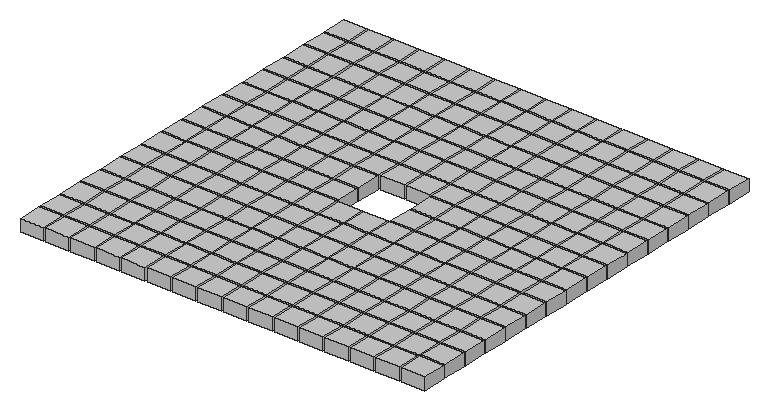
Revit family "Alcorque Ecológico", category Furniture, Revit 2020 (continued)
Reference planes (m)
  plane 10673: y = -1.5
  plane 10674: y = -1.75
  plane 10675: y = -1.875
  plane 10676: y = -2
  plane 10677: x = 4.565
  plane 10678: x = 4.69
  plane 10679: x = 4.815
  plane 10680: x = 5.065
  plane 10681: x = 5.19
  plane 10682: x = 5.315
  plane 10683: y = -1.375
  plane 10684: y = -1.5
  plane 10685: y = -1.625
  plane 10686: y = -1.875
  plane 10687: y = -2
  plane 10688: y = -2.125
  plane 10689: x = 4.69
  plane 10690: x = 4.815
  plane 10691: x = 4.94
  plane 10692: x = 5.19
  plane 10693: x = 5.315
  plane 10694: x = 5.44
  plane 10695: y = -1.375
  plane 10696: y = -1.5
  plane 10697: y = -1.625
  plane 10698: y = -1.875
  plane 10699: y = -2
  plane 10700: y = -2.125
  plane 10701: x = 4.815
  plane 10702: x = 4.94
  plane 10703: x = 5.065
  plane 10704: x = 5.315
  plane 10705: x = 5.44
  plane 10706: x = 5.565
  plane 10707: y = -1.375
  plane 10708: y = -1.5
  plane 10709: y = -1.625
  plane 10710: y = -1.875
  plane 10711: y = -2
  plane 10712: y = -2.125
  plane 10713: x = 4.94
  plane 10714: x = 5.065
  plane 10715: x = 5.19
  plane 10716: x = 5.44
  plane 10717: x = 5.565
  plane 10718: x = 5.69
  plane 10719: y = -1.375
  plane 10720: y = -1.5
  plane 10721: y = -1.625
  plane 10722: y = -1.875
  plane 10723: y = -2
  plane 10724: y = -2.125
  plane 10725: x = 4.565
  plane 10726: x = 4.69
  plane 10727: x = 4.815
  plane 10728: x = 5.065
  plane 10729: x = 5.19
  plane 10730: x = 5.315
  plane 10731: y = -1.5
  plane 10732: y = -1.625
  plane 10733: y = -1.75
  plane 10734: y = -2
  plane 10735: y = -2.125
  plane 10736: y = -2.25
  plane 10737: x = 4.69
  plane 10738: x = 4.815
  plane 10739: x = 4.94
  plane 10740: x = 5.19
  plane 10741: x = 5.315
  plane 10742: x = 5.44
  plane 10743: y = -1.5
  plane 10744: y = -1.625
  plane 10745: y = -1.75
  plane 10746: y = -2
  plane 10747: y = -2.125
  plane 10748: y = -2.25
  plane 10749: x = 4.815
  plane 10750: x = 4.94
  plane 10751: x = 5.065
  plane 10752: x = 5.315
  plane 10753: x = 5.44
  plane 10754: x = 5.565
  plane 10755: y = -1.5
  plane 10756: y = -1.625
  plane 10757: y = -1.75
  plane 10758: y = -2
  plane 10759: y = -2.125
  plane 10760: y = -2.25
  plane 10761: x = 4.94
  plane 10762: x = 5.065
  plane 10763: x = 5.19
  plane 10764: x = 5.44
  plane 10765: x = 5.565
  plane 10766: x = 5.69
  plane 10767: y = -1.5
  plane 10768: y = -1.625
  plane 10769: y = -1.75
  plane 10770: y = -2
  plane 10771: y = -2.125
  plane 10772: y = -2.25
  plane 10773: x = 4.565
  plane 10774: x = 4.69
  plane 10775: x = 4.815
  plane 10776: x = 5.065
  plane 10777: x = 5.19
  plane 10778: x = 5.315
  plane 10779: y = -1.125
  plane 10780: y = -1.25
  plane 10781: y = -1.375
  plane 10782: y = -1.625
  plane 10783: y = -1.75
  plane 10784: y = -1.875
  plane 10785: x = 3.69
  plane 10786: x = 3.815
  plane 10787: x = 3.94
  plane 10788: x = 4.19
  plane 10789: x = 4.315
  plane 10790: x = 4.44
  plane 10791: y = -0.25
  plane 10792: y = -0.375
  plane 10793: y = -0.5
  plane 10794: y = -0.75
  plane 10795: y = -0.875
  plane 10796: y = -1
  plane 10797: x = 3.815
  plane 10798: x = 3.94
  plane 10799: x = 4.065
  plane 10800: x = 4.315
  plane 10801: x = 4.44
  plane 10802: x = 4.565
  plane 10803: y = -0.25
  plane 10804: y = -0.375
  plane 10805: y = -0.5
  plane 10806: y = -0.75
  plane 10807: y = -0.875
  plane 10808: y = -1
  plane 10809: x = 3.69
  plane 10810: x = 3.815
  plane 10811: x = 3.94
  plane 10812: x = 4.19
  plane 10813: x = 4.315
  plane 10814: x = 4.44
  plane 10815: y = -0.375
  plane 10816: y = -0.5
  plane 10817: y = -0.625
  plane 10818: y = -0.875
  plane 10819: y = -1
  plane 10820: y = -1.125
  plane 10821: x = 3.815
  plane 10822: x = 3.94
  plane 10823: x = 4.065
  plane 10824: x = 4.315
  plane 10825: x = 4.44
  plane 10826: x = 4.565
  plane 10827: y = -0.375
  plane 10828: y = -0.5
  plane 10829: y = -0.625
  plane 10830: y = -0.875
  plane 10831: y = -1
  plane 10832: y = -1.125
Forms (m)
  Extrusion 1, solid, material "ReBnew plástico", visible <- "A50"
    sketch origin (0, 0, 0) x (1, 0, 0) y (0, 1, 0)
      loop
        line (-0.495, 0.495) -> (-0.495, 0.38) -> (-0.38, 0.38) -> (-0.38, 0.495) -> (-0.495, 0.495)
    from 0 to 0.06
  Extrusion 2, solid, material "ReBnew plástico", visible <- "A50"
    sketch origin (0.125, 0, 0) x (1, 0, 0) y (0, 1, 0)
      loop
        line (-0.495, 0.495) -> (-0.495, 0.38) -> (-0.38, 0.38) -> (-0.38, 0.495) -> (-0.495, 0.495)
    from 0 to 0.06
  Extrusion 3, solid, material "ReBnew plástico", visible <- "A50"
    sketch origin (0.25, 0, 0) x (1, 0, 0) y (0, 1, 0)
      loop
        line (-0.495, 0.495) -> (-0.495, 0.38) -> (-0.38, 0.38) -> (-0.38, 0.495) -> (-0.495, 0.495)
    from 0 to 0.06
  Extrusion 4, solid, material "ReBnew plástico", visible <- "A50"
    sketch origin (0.375, 0, 0) x (1, 0, 0) y (0, 1, 0)
      loop
        line (-0.495, 0.495) -> (-0.495, 0.38) -> (-0.38, 0.38) -> (-0.38, 0.495) -> (-0.495, 0.495)
    from 0 to 0.06
  Extrusion 5, solid, material "ReBnew plástico", visible <- "A50"
    sketch origin (0.5, 0, 0) x (1, 0, 0) y (0, 1, 0)
      loop
        line (-0.495, 0.495) -> (-0.495, 0.38) -> (-0.38, 0.38) -> (-0.38, 0.495) -> (-0.495, 0.495)
    from 0 to 0.06
  Extrusion 6, solid, material "ReBnew plástico", visible <- "A50"
    sketch origin (0.625, 0, 0) x (1, 0, 0) y (0, 1, 0)
      loop
        line (-0.495, 0.495) -> (-0.495, 0.38) -> (-0.38, 0.38) -> (-0.38, 0.495) -> (-0.495, 0.495)
    from 0 to 0.06
  Extrusion 7, solid, material "ReBnew plástico", visible <- "A50"
    sketch origin (0.75, 0, 0) x (1, 0, 0) y (0, 1, 0)
      loop
        line (-0.495, 0.495) -> (-0.495, 0.38) -> (-0.38, 0.38) -> (-0.38, 0.495) -> (-0.495, 0.495)
    from 0 to 0.06
  Extrusion 8, solid, material "ReBnew plástico", visible <- "A50"
    sketch origin (0.875, 0, 0) x (1, 0, 0) y (0, 1, 0)
      loop
        line (-0.495, 0.495) -> (-0.495, 0.38) -> (-0.38, 0.38) -> (-0.38, 0.495) -> (-0.495, 0.495)
    from 0 to 0.06
  Extrusion 9, solid, material "ReBnew plástico", visible <- "A50"
    sketch origin (0, -0.125, 0) x (1, 0, 0) y (0, 1, 0)
      loop
        line (-0.495, 0.495) -> (-0.495, 0.38) -> (-0.38, 0.38) -> (-0.38, 0.495) -> (-0.495, 0.495)
    from 0 to 0.06
  Extrusion 10, solid, material "ReBnew plástico", visible <- "A50"
    sketch origin (0.125, -0.125, 0) x (1, 0, 0) y (0, 1, 0)
      loop
        line (-0.495, 0.495) -> (-0.495, 0.38) -> (-0.38, 0.38) -> (-0.38, 0.495) -> (-0.495, 0.495)
    from 0 to 0.06
  Extrusion 11, solid, material "ReBnew plástico", visible <- "A50"
    sketch origin (0.25, -0.125, 0) x (1, 0, 0) y (0, 1, 0)
      loop
        line (-0.495, 0.495) -> (-0.495, 0.38) -> (-0.38, 0.38) -> (-0.38, 0.495) -> (-0.495, 0.495)
    from 0 to 0.06
  Extrusion 12, solid, material "ReBnew plástico", visible <- "A50"
    sketch origin (0.375, -0.125, 0) x (1, 0, 0) y (0, 1, 0)
      loop
        line (-0.495, 0.495) -> (-0.495, 0.38) -> (-0.38, 0.38) -> (-0.38, 0.495) -> (-0.495, 0.495)
    from 0 to 0.06
  Extrusion 13, solid, material "ReBnew plástico", visible <- "A50"
    sketch origin (0.5, -0.125, 0) x (1, 0, 0) y (0, 1, 0)
      loop
        line (-0.495, 0.495) -> (-0.495, 0.38) -> (-0.38, 0.38) -> (-0.38, 0.495) -> (-0.495, 0.495)
    from 0 to 0.06
  Extrusion 14, solid, material "ReBnew plástico", visible <- "A50"
    sketch origin (0.625, -0.125, 0) x (1, 0, 0) y (0, 1, 0)
      loop
        line (-0.495, 0.495) -> (-0.495, 0.38) -> (-0.38, 0.38) -> (-0.38, 0.495) -> (-0.495, 0.495)
    from 0 to 0.06
  Extrusion 15, solid, material "ReBnew plástico", visible <- "A50"
    sketch origin (0.75, -0.125, 0) x (1, 0, 0) y (0, 1, 0)
      loop
        line (-0.495, 0.495) -> (-0.495, 0.38) -> (-0.38, 0.38) -> (-0.38, 0.495) -> (-0.495, 0.495)
    from 0 to 0.06
  Extrusion 16, solid, material "ReBnew plástico", visible <- "A50"
    sketch origin (0.875, -0.125, 0) x (1, 0, 0) y (0, 1, 0)
      loop
        line (-0.495, 0.495) -> (-0.495, 0.38) -> (-0.38, 0.38) -> (-0.38, 0.495) -> (-0.495, 0.495)
    from 0 to 0.06
  Extrusion 17, solid, material "ReBnew plástico", visible <- "A50"
    sketch origin (0, -0.25, 0) x (1, 0, 0) y (0, 1, 0)
      loop
        line (-0.495, 0.495) -> (-0.495, 0.38) -> (-0.38, 0.38) -> (-0.38, 0.495) -> (-0.495, 0.495)
    from 0 to 0.06
  Extrusion 18, solid, material "ReBnew plástico", visible <- "A50"
    sketch origin (0.125, -0.25, 0) x (1, 0, 0) y (0, 1, 0)
      loop
        line (-0.495, 0.495) -> (-0.495, 0.38) -> (-0.38, 0.38) -> (-0.38, 0.495) -> (-0.495, 0.495)
    from 0 to 0.06
  Extrusion 19, solid, material "ReBnew plástico", visible <- "A50"
    sketch origin (0.25, -0.25, 0) x (1, 0, 0) y (0, 1, 0)
      loop
        line (-0.495, 0.495) -> (-0.495, 0.38) -> (-0.38, 0.38) -> (-0.38, 0.495) -> (-0.495, 0.495)
    from 0 to 0.06
  Extrusion 20, solid, material "ReBnew plástico", visible <- "A50"
    sketch origin (0.375, -0.25, 0) x (1, 0, 0) y (0, 1, 0)
      loop
        line (-0.495, 0.495) -> (-0.495, 0.38) -> (-0.38, 0.38) -> (-0.38, 0.495) -> (-0.495, 0.495)
    from 0 to 0.06
  Extrusion 21, solid, material "ReBnew plástico", visible <- "A50"
    sketch origin (0.5, -0.25, 0) x (1, 0, 0) y (0, 1, 0)
      loop
        line (-0.495, 0.495) -> (-0.495, 0.38) -> (-0.38, 0.38) -> (-0.38, 0.495) -> (-0.495, 0.495)
    from 0 to 0.06
  Extrusion 22, solid, material "ReBnew plástico", visible <- "A50"
    sketch origin (0.625, -0.25, 0) x (1, 0, 0) y (0, 1, 0)
      loop
        line (-0.495, 0.495) -> (-0.495, 0.38) -> (-0.38, 0.38) -> (-0.38, 0.495) -> (-0.495, 0.495)
    from 0 to 0.06
  Extrusion 23, solid, material "ReBnew plástico", visible <- "A50"
    sketch origin (0.75, -0.25, 0) x (1, 0, 0) y (0, 1, 0)
      loop
        line (-0.495, 0.495) -> (-0.495, 0.38) -> (-0.38, 0.38) -> (-0.38, 0.495) -> (-0.495, 0.495)
    from 0 to 0.06
  Extrusion 24, solid, material "ReBnew plástico", visible <- "A50"
    sketch origin (0.875, -0.25, 0) x (1, 0, 0) y (0, 1, 0)
      loop
        line (-0.495, 0.495) -> (-0.495, 0.38) -> (-0.38, 0.38) -> (-0.38, 0.495) -> (-0.495, 0.495)
    from 0 to 0.06
  Extrusion 25, solid, material "ReBnew plástico", visible <- "A50"
    sketch origin (0, -0.375, 0) x (1, 0, 0) y (0, 1, 0)
      loop
        line (-0.495, 0.495) -> (-0.495, 0.38) -> (-0.38, 0.38) -> (-0.38, 0.495) -> (-0.495, 0.495)
    from 0 to 0.06
  Extrusion 26, solid, material "ReBnew plástico", visible <- "A50"
    sketch origin (0.125, -0.375, 0) x (1, 0, 0) y (0, 1, 0)
      loop
        line (-0.495, 0.495) -> (-0.495, 0.38) -> (-0.38, 0.38) -> (-0.38, 0.495) -> (-0.495, 0.495)
    from 0 to 0.06
  Extrusion 27, solid, material "ReBnew plástico", visible <- "A50"
    sketch origin (0.25, -0.375, 0) x (1, 0, 0) y (0, 1, 0)
      loop
        line (-0.495, 0.495) -> (-0.495, 0.38) -> (-0.38, 0.38) -> (-0.38, 0.495) -> (-0.495, 0.495)
    from 0 to 0.06
  Extrusion 28, solid, material "ReBnew plástico", visible <- "A50"
    sketch origin (0.625, -0.375, 0) x (1, 0, 0) y (0, 1, 0)
      loop
        line (-0.495, 0.495) -> (-0.495, 0.38) -> (-0.38, 0.38) -> (-0.38, 0.495) -> (-0.495, 0.495)
    from 0 to 0.06
  Extrusion 29, solid, material "ReBnew plástico", visible <- "A50"
    sketch origin (0.75, -0.375, 0) x (1, 0, 0) y (0, 1, 0)
      loop
        line (-0.495, 0.495) -> (-0.495, 0.38) -> (-0.38, 0.38) -> (-0.38, 0.495) -> (-0.495, 0.495)
    from 0 to 0.06
  Extrusion 30, solid, material "ReBnew plástico", visible <- "A50"
    sketch origin (0.875, -0.375, 0) x (1, 0, 0) y (0, 1, 0)
      loop
        line (-0.495, 0.495) -> (-0.495, 0.38) -> (-0.38, 0.38) -> (-0.38, 0.495) -> (-0.495, 0.495)
    from 0 to 0.06
  Extrusion 31, solid, material "ReBnew plástico", visible <- "A50"
    sketch origin (0, -0.5, 0) x (1, 0, 0) y (0, 1, 0)
      loop
        line (-0.495, 0.495) -> (-0.495, 0.38) -> (-0.38, 0.38) -> (-0.38, 0.495) -> (-0.495, 0.495)
    from 0 to 0.06
  Extrusion 32, solid, material "ReBnew plástico", visible <- "A50"
    sketch origin (0.125, -0.5, 0) x (1, 0, 0) y (0, 1, 0)
      loop
        line (-0.495, 0.495) -> (-0.495, 0.38) -> (-0.38, 0.38) -> (-0.38, 0.495) -> (-0.495, 0.495)
    from 0 to 0.06
  Extrusion 33, solid, material "ReBnew plástico", visible <- "A50"
    sketch origin (0.25, -0.5, 0) x (1, 0, 0) y (0, 1, 0)
      loop
        line (-0.495, 0.495) -> (-0.495, 0.38) -> (-0.38, 0.38) -> (-0.38, 0.495) -> (-0.495, 0.495)
    from 0 to 0.06
  Extrusion 34, solid, material "ReBnew plástico", visible <- "A50"
    sketch origin (0.625, -0.5, 0) x (1, 0, 0) y (0, 1, 0)
      loop
        line (-0.495, 0.495) -> (-0.495, 0.38) -> (-0.38, 0.38) -> (-0.38, 0.495) -> (-0.495, 0.495)
    from 0 to 0.06
  Extrusion 35, solid, material "ReBnew plástico", visible <- "A50"
    sketch origin (0.75, -0.5, 0) x (1, 0, 0) y (0, 1, 0)
      loop
        line (-0.495, 0.495) -> (-0.495, 0.38) -> (-0.38, 0.38) -> (-0.38, 0.495) -> (-0.495, 0.495)
    from 0 to 0.06
  Extrusion 36, solid, material "ReBnew plástico", visible <- "A50"
    sketch origin (0.875, -0.5, 0) x (1, 0, 0) y (0, 1, 0)
      loop
        line (-0.495, 0.495) -> (-0.495, 0.38) -> (-0.38, 0.38) -> (-0.38, 0.495) -> (-0.495, 0.495)
    from 0 to 0.06
  Extrusion 37, solid, material "ReBnew plástico", visible <- "A50"
    sketch origin (0, -0.625, 0) x (1, 0, 0) y (0, 1, 0)
      loop
        line (-0.495, 0.495) -> (-0.495, 0.38) -> (-0.38, 0.38) -> (-0.38, 0.495) -> (-0.495, 0.495)
    from 0 to 0.06
  Extrusion 38, solid, material "ReBnew plástico", visible <- "A50"
    sketch origin (0.125, -0.625, 0) x (1, 0, 0) y (0, 1, 0)
      loop
        line (-0.495, 0.495) -> (-0.495, 0.38) -> (-0.38, 0.38) -> (-0.38, 0.495) -> (-0.495, 0.495)
    from 0 to 0.06
  Extrusion 39, solid, material "ReBnew plástico", visible <- "A50"
    sketch origin (0.25, -0.625, 0) x (1, 0, 0) y (0, 1, 0)
      loop
        line (-0.495, 0.495) -> (-0.495, 0.38) -> (-0.38, 0.38) -> (-0.38, 0.495) -> (-0.495, 0.495)
    from 0 to 0.06
  Extrusion 40, solid, material "ReBnew plástico", visible <- "A50"
    sketch origin (0.375, -0.625, 0) x (1, 0, 0) y (0, 1, 0)
      loop
        line (-0.495, 0.495) -> (-0.495, 0.38) -> (-0.38, 0.38) -> (-0.38, 0.495) -> (-0.495, 0.495)
    from 0 to 0.06
  Extrusion 41, solid, material "ReBnew plástico", visible <- "A50"
    sketch origin (0.5, -0.625, 0) x (1, 0, 0) y (0, 1, 0)
      loop
        line (-0.495, 0.495) -> (-0.495, 0.38) -> (-0.38, 0.38) -> (-0.38, 0.495) -> (-0.495, 0.495)
    from 0 to 0.06
  Extrusion 42, solid, material "ReBnew plástico", visible <- "A50"
    sketch origin (0.625, -0.625, 0) x (1, 0, 0) y (0, 1, 0)
      loop
        line (-0.495, 0.495) -> (-0.495, 0.38) -> (-0.38, 0.38) -> (-0.38, 0.495) -> (-0.495, 0.495)
    from 0 to 0.06
  Extrusion 43, solid, material "ReBnew plástico", visible <- "A50"
    sketch origin (0.75, -0.625, 0) x (1, 0, 0) y (0, 1, 0)
      loop
        line (-0.495, 0.495) -> (-0.495, 0.38) -> (-0.38, 0.38) -> (-0.38, 0.495) -> (-0.495, 0.495)
    from 0 to 0.06
  Extrusion 44, solid, material "ReBnew plástico", visible <- "A50"
    sketch origin (0.875, -0.625, 0) x (1, 0, 0) y (0, 1, 0)
      loop
        line (-0.495, 0.495) -> (-0.495, 0.38) -> (-0.38, 0.38) -> (-0.38, 0.495) -> (-0.495, 0.495)
    from 0 to 0.06
  Extrusion 45, solid, material "ReBnew plástico", visible <- "A50"
    sketch origin (0, -0.75, 0) x (1, 0, 0) y (0, 1, 0)
      loop
        line (-0.495, 0.495) -> (-0.495, 0.38) -> (-0.38, 0.38) -> (-0.38, 0.495) -> (-0.495, 0.495)
    from 0 to 0.06
  Extrusion 46, solid, material "ReBnew plástico", visible <- "A50"
    sketch origin (0.125, -0.75, 0) x (1, 0, 0) y (0, 1, 0)
      loop
        line (-0.495, 0.495) -> (-0.495, 0.38) -> (-0.38, 0.38) -> (-0.38, 0.495) -> (-0.495, 0.495)
    from 0 to 0.06
  Extrusion 47, solid, material "ReBnew plástico", visible <- "A50"
    sketch origin (0.25, -0.75, 0) x (1, 0, 0) y (0, 1, 0)
      loop
        line (-0.495, 0.495) -> (-0.495, 0.38) -> (-0.38, 0.38) -> (-0.38, 0.495) -> (-0.495, 0.495)
    from 0 to 0.06
  Extrusion 48, solid, material "ReBnew plástico", visible <- "A50"
    sketch origin (0.375, -0.75, 0) x (1, 0, 0) y (0, 1, 0)
      loop
        line (-0.495, 0.495) -> (-0.495, 0.38) -> (-0.38, 0.38) -> (-0.38, 0.495) -> (-0.495, 0.495)
    from 0 to 0.06
  Extrusion 49, solid, material "ReBnew plástico", visible <- "A50"
    sketch origin (0.5, -0.75, 0) x (1, 0, 0) y (0, 1, 0)
      loop
        line (-0.495, 0.495) -> (-0.495, 0.38) -> (-0.38, 0.38) -> (-0.38, 0.495) -> (-0.495, 0.495)
    from 0 to 0.06
  Extrusion 50, solid, material "ReBnew plástico", visible <- "A50"
    sketch origin (0.625, -0.75, 0) x (1, 0, 0) y (0, 1, 0)
      loop
        line (-0.495, 0.495) -> (-0.495, 0.38) -> (-0.38, 0.38) -> (-0.38, 0.495) -> (-0.495, 0.495)
    from 0 to 0.06
  Extrusion 51, solid, material "ReBnew plástico", visible <- "A50"
    sketch origin (0.75, -0.75, 0) x (1, 0, 0) y (0, 1, 0)
      loop
        line (-0.495, 0.495) -> (-0.495, 0.38) -> (-0.38, 0.38) -> (-0.38, 0.495) -> (-0.495, 0.495)
    from 0 to 0.06
  Extrusion 52, solid, material "ReBnew plástico", visible <- "A50"
    sketch origin (0.875, -0.75, 0) x (1, 0, 0) y (0, 1, 0)
      loop
        line (-0.495, 0.495) -> (-0.495, 0.38) -> (-0.38, 0.38) -> (-0.38, 0.495) -> (-0.495, 0.495)
    from 0 to 0.06
  Extrusion 53, solid, material "ReBnew plástico", visible <- "A50"
    sketch origin (0, -0.875, 0) x (1, 0, 0) y (0, 1, 0)
      loop
        line (-0.495, 0.495) -> (-0.495, 0.38) -> (-0.38, 0.38) -> (-0.38, 0.495) -> (-0.495, 0.495)
    from 0 to 0.06
  Extrusion 54, solid, material "ReBnew plástico", visible <- "A50"
    sketch origin (0.125, -0.875, 0) x (1, 0, 0) y (0, 1, 0)
      loop
        line (-0.495, 0.495) -> (-0.495, 0.38) -> (-0.38, 0.38) -> (-0.38, 0.495) -> (-0.495, 0.495)
    from 0 to 0.06
  Extrusion 55, solid, material "ReBnew plástico", visible <- "A50"
    sketch origin (0.25, -0.875, 0) x (1, 0, 0) y (0, 1, 0)
      loop
        line (-0.495, 0.495) -> (-0.495, 0.38) -> (-0.38, 0.38) -> (-0.38, 0.495) -> (-0.495, 0.495)
    from 0 to 0.06
  Extrusion 56, solid, material "ReBnew plástico", visible <- "A50"
    sketch origin (0.375, -0.875, 0) x (1, 0, 0) y (0, 1, 0)
      loop
        line (-0.495, 0.495) -> (-0.495, 0.38) -> (-0.38, 0.38) -> (-0.38, 0.495) -> (-0.495, 0.495)
    from 0 to 0.06
  Extrusion 57, solid, material "ReBnew plástico", visible <- "A50"
    sketch origin (0.5, -0.875, 0) x (1, 0, 0) y (0, 1, 0)
      loop
        line (-0.495, 0.495) -> (-0.495, 0.38) -> (-0.38, 0.38) -> (-0.38, 0.495) -> (-0.495, 0.495)
    from 0 to 0.06
  Extrusion 58, solid, material "ReBnew plástico", visible <- "A50"
    sketch origin (0.625, -0.875, 0) x (1, 0, 0) y (0, 1, 0)
      loop
        line (-0.495, 0.495) -> (-0.495, 0.38) -> (-0.38, 0.38) -> (-0.38, 0.495) -> (-0.495, 0.495)
    from 0 to 0.06
  Extrusion 59, solid, material "ReBnew plástico", visible <- "A50"
    sketch origin (0.75, -0.875, 0) x (1, 0, 0) y (0, 1, 0)
      loop
        line (-0.495, 0.495) -> (-0.495, 0.38) -> (-0.38, 0.38) -> (-0.38, 0.495) -> (-0.495, 0.495)
    from 0 to 0.06
  Extrusion 60, solid, material "ReBnew plástico", visible <- "A50"
    sketch origin (0.875, -0.875, 0) x (1, 0, 0) y (0, 1, 0)
      loop
        line (-0.495, 0.495) -> (-0.495, 0.38) -> (-0.38, 0.38) -> (-0.38, 0.495) -> (-0.495, 0.495)
    from 0 to 0.06
  Extrusion 61, solid, material "ReBnew plástico", visible <- "A51"
    sketch origin (-0.25, 0.25, 0) x (1, 0, 0) y (0, 1, 0)
      loop
        line (-0.495, 0.495) -> (-0.495, 0.38) -> (-0.38, 0.38) -> (-0.38, 0.495) -> (-0.495, 0.495)
    from 0 to 0.06
  Extrusion 62, solid, material "ReBnew plástico", visible <- "A51"
    sketch origin (-0.125, 0.25, 0) x (1, 0, 0) y (0, 1, 0)
      loop
        line (-0.495, 0.495) -> (-0.495, 0.38) -> (-0.38, 0.38) -> (-0.38, 0.495) -> (-0.495, 0.495)
    from 0 to 0.06
  Extrusion 63, solid, material "ReBnew plástico", visible <- "A51"
    sketch origin (0, 0.25, 0) x (1, 0, 0) y (0, 1, 0)
      loop
        line (-0.495, 0.495) -> (-0.495, 0.38) -> (-0.38, 0.38) -> (-0.38, 0.495) -> (-0.495, 0.495)
    from 0 to 0.06
  Extrusion 64, solid, material "ReBnew plástico", visible <- "A51"
    sketch origin (0.125, 0.25, 0) x (1, 0, 0) y (0, 1, 0)
      loop
        line (-0.495, 0.495) -> (-0.495, 0.38) -> (-0.38, 0.38) -> (-0.38, 0.495) -> (-0.495, 0.495)
    from 0 to 0.06
  Extrusion 65, solid, material "ReBnew plástico", visible <- "A51"
    sketch origin (0.25, 0.25, 0) x (1, 0, 0) y (0, 1, 0)
      loop
        line (-0.495, 0.495) -> (-0.495, 0.38) -> (-0.38, 0.38) -> (-0.38, 0.495) -> (-0.495, 0.495)
    from 0 to 0.06
  Extrusion 66, solid, material "ReBnew plástico", visible <- "A51"
    sketch origin (0.375, 0.25, 0) x (1, 0, 0) y (0, 1, 0)
      loop
        line (-0.495, 0.495) -> (-0.495, 0.38) -> (-0.38, 0.38) -> (-0.38, 0.495) -> (-0.495, 0.495)
    from 0 to 0.06
  Extrusion 67, solid, material "ReBnew plástico", visible <- "A51"
    sketch origin (0.5, 0.25, 0) x (1, 0, 0) y (0, 1, 0)
      loop
        line (-0.495, 0.495) -> (-0.495, 0.38) -> (-0.38, 0.38) -> (-0.38, 0.495) -> (-0.495, 0.495)
    from 0 to 0.06
  Extrusion 68, solid, material "ReBnew plástico", visible <- "A51"
    sketch origin (0.625, 0.25, 0) x (1, 0, 0) y (0, 1, 0)
      loop
        line (-0.495, 0.495) -> (-0.495, 0.38) -> (-0.38, 0.38) -> (-0.38, 0.495) -> (-0.495, 0.495)
    from 0 to 0.06
  Extrusion 69, solid, material "ReBnew plástico", visible <- "A51"
    sketch origin (-0.25, 0.125, 0) x (1, 0, 0) y (0, 1, 0)
      loop
        line (-0.495, 0.495) -> (-0.495, 0.38) -> (-0.38, 0.38) -> (-0.38, 0.495) -> (-0.495, 0.495)
    from 0 to 0.06
  Extrusion 70, solid, material "ReBnew plástico", visible <- "A51"
    sketch origin (-0.125, 0.125, 0) x (1, 0, 0) y (0, 1, 0)
      loop
        line (-0.495, 0.495) -> (-0.495, 0.38) -> (-0.38, 0.38) -> (-0.38, 0.495) -> (-0.495, 0.495)
    from 0 to 0.06
  Extrusion 71, solid, material "ReBnew plástico", visible <- "A51"
    sketch origin (0, 0.125, 0) x (1, 0, 0) y (0, 1, 0)
      loop
        line (-0.495, 0.495) -> (-0.495, 0.38) -> (-0.38, 0.38) -> (-0.38, 0.495) -> (-0.495, 0.495)
    from 0 to 0.06
  Extrusion 72, solid, material "ReBnew plástico", visible <- "A51"
    sketch origin (0.125, 0.125, 0) x (1, 0, 0) y (0, 1, 0)
      loop
        line (-0.495, 0.495) -> (-0.495, 0.38) -> (-0.38, 0.38) -> (-0.38, 0.495) -> (-0.495, 0.495)
    from 0 to 0.06
  Extrusion 73, solid, material "ReBnew plástico", visible <- "A51"
    sketch origin (0.25, 0.125, 0) x (1, 0, 0) y (0, 1, 0)
      loop
        line (-0.495, 0.495) -> (-0.495, 0.38) -> (-0.38, 0.38) -> (-0.38, 0.495) -> (-0.495, 0.495)
    from 0 to 0.06
  Extrusion 74, solid, material "ReBnew plástico", visible <- "A51"
    sketch origin (0.375, 0.125, 0) x (1, 0, 0) y (0, 1, 0)
      loop
        line (-0.495, 0.495) -> (-0.495, 0.38) -> (-0.38, 0.38) -> (-0.38, 0.495) -> (-0.495, 0.495)
    from 0 to 0.06
  Extrusion 75, solid, material "ReBnew plástico", visible <- "A51"
    sketch origin (0.5, 0.125, 0) x (1, 0, 0) y (0, 1, 0)
      loop
        line (-0.495, 0.495) -> (-0.495, 0.38) -> (-0.38, 0.38) -> (-0.38, 0.495) -> (-0.495, 0.495)
    from 0 to 0.06
  Extrusion 76, solid, material "ReBnew plástico", visible <- "A51"
    sketch origin (0.625, 0.125, 0) x (1, 0, 0) y (0, 1, 0)
      loop
        line (-0.495, 0.495) -> (-0.495, 0.38) -> (-0.38, 0.38) -> (-0.38, 0.495) -> (-0.495, 0.495)
    from 0 to 0.06
  Extrusion 77, solid, material "ReBnew plástico", visible <- "A51"
    sketch origin (-0.25, 0, 0) x (1, 0, 0) y (0, 1, 0)
      loop
        line (-0.495, 0.495) -> (-0.495, 0.38) -> (-0.38, 0.38) -> (-0.38, 0.495) -> (-0.495, 0.495)
    from 0 to 0.06
  Extrusion 78, solid, material "ReBnew plástico", visible <- "A51"
    sketch origin (-0.125, 0, 0) x (1, 0, 0) y (0, 1, 0)
      loop
        line (-0.495, 0.495) -> (-0.495, 0.38) -> (-0.38, 0.38) -> (-0.38, 0.495) -> (-0.495, 0.495)
    from 0 to 0.06
  Extrusion 79, solid, material "ReBnew plástico", visible <- "A51"
    sketch origin (0, 0, 0) x (1, 0, 0) y (0, 1, 0)
      loop
        line (-0.495, 0.495) -> (-0.495, 0.38) -> (-0.38, 0.38) -> (-0.38, 0.495) -> (-0.495, 0.495)
    from 0 to 0.06
  Extrusion 80, solid, material "ReBnew plástico", visible <- "A51"
    sketch origin (0.125, 0, 0) x (1, 0, 0) y (0, 1, 0)
      loop
        line (-0.495, 0.495) -> (-0.495, 0.38) -> (-0.38, 0.38) -> (-0.38, 0.495) -> (-0.495, 0.495)
    from 0 to 0.06
  Extrusion 81, solid, material "ReBnew plástico", visible <- "A51"
    sketch origin (0.25, 0, 0) x (1, 0, 0) y (0, 1, 0)
      loop
        line (-0.495, 0.495) -> (-0.495, 0.38) -> (-0.38, 0.38) -> (-0.38, 0.495) -> (-0.495, 0.495)
    from 0 to 0.06
  Extrusion 82, solid, material "ReBnew plástico", visible <- "A51"
    sketch origin (0.375, 0, 0) x (1, 0, 0) y (0, 1, 0)
      loop
        line (-0.495, 0.495) -> (-0.495, 0.38) -> (-0.38, 0.38) -> (-0.38, 0.495) -> (-0.495, 0.495)
    from 0 to 0.06
  Extrusion 83, solid, material "ReBnew plástico", visible <- "A51"
    sketch origin (0.5, 0, 0) x (1, 0, 0) y (0, 1, 0)
      loop
        line (-0.495, 0.495) -> (-0.495, 0.38) -> (-0.38, 0.38) -> (-0.38, 0.495) -> (-0.495, 0.495)
    from 0 to 0.06
  Extrusion 84, solid, material "ReBnew plástico", visible <- "A51"
    sketch origin (0.625, 0, 0) x (1, 0, 0) y (0, 1, 0)
      loop
        line (-0.495, 0.495) -> (-0.495, 0.38) -> (-0.38, 0.38) -> (-0.38, 0.495) -> (-0.495, 0.495)
    from 0 to 0.06
  Extrusion 85, solid, material "ReBnew plástico", visible <- "A51"
    sketch origin (-0.25, -0.125, 0) x (1, 0, 0) y (0, 1, 0)
      loop
        line (-0.495, 0.495) -> (-0.495, 0.38) -> (-0.38, 0.38) -> (-0.38, 0.495) -> (-0.495, 0.495)
    from 0 to 0.06
  Extrusion 86, solid, material "ReBnew plástico", visible <- "A51"
    sketch origin (-0.125, -0.125, 0) x (1, 0, 0) y (0, 1, 0)
      loop
        line (-0.495, 0.495) -> (-0.495, 0.38) -> (-0.38, 0.38) -> (-0.38, 0.495) -> (-0.495, 0.495)
    from 0 to 0.06
  Extrusion 87, solid, material "ReBnew plástico", visible <- "A51"
    sketch origin (0, -0.125, 0) x (1, 0, 0) y (0, 1, 0)
      loop
        line (-0.495, 0.495) -> (-0.495, 0.38) -> (-0.38, 0.38) -> (-0.38, 0.495) -> (-0.495, 0.495)
    from 0 to 0.06
  Extrusion 88, solid, material "ReBnew plástico", visible <- "A51"
    sketch origin (0.375, -0.125, 0) x (1, 0, 0) y (0, 1, 0)
      loop
        line (-0.495, 0.495) -> (-0.495, 0.38) -> (-0.38, 0.38) -> (-0.38, 0.495) -> (-0.495, 0.495)
    from 0 to 0.06
  Extrusion 89, solid, material "ReBnew plástico", visible <- "A51"
    sketch origin (0.5, -0.125, 0) x (1, 0, 0) y (0, 1, 0)
      loop
        line (-0.495, 0.495) -> (-0.495, 0.38) -> (-0.38, 0.38) -> (-0.38, 0.495) -> (-0.495, 0.495)
    from 0 to 0.06
  Extrusion 90, solid, material "ReBnew plástico", visible <- "A51"
    sketch origin (0.625, -0.125, 0) x (1, 0, 0) y (0, 1, 0)
      loop
        line (-0.495, 0.495) -> (-0.495, 0.38) -> (-0.38, 0.38) -> (-0.38, 0.495) -> (-0.495, 0.495)
    from 0 to 0.06
  Extrusion 91, solid, material "ReBnew plástico", visible <- "A51"
    sketch origin (-0.25, -0.25, 0) x (1, 0, 0) y (0, 1, 0)
      loop
        line (-0.495, 0.495) -> (-0.495, 0.38) -> (-0.38, 0.38) -> (-0.38, 0.495) -> (-0.495, 0.495)
    from 0 to 0.06
  Extrusion 92, solid, material "ReBnew plástico", visible <- "A51"
    sketch origin (-0.125, -0.25, 0) x (1, 0, 0) y (0, 1, 0)
      loop
        line (-0.495, 0.495) -> (-0.495, 0.38) -> (-0.38, 0.38) -> (-0.38, 0.495) -> (-0.495, 0.495)
    from 0 to 0.06
  Extrusion 93, solid, material "ReBnew plástico", visible <- "A51"
    sketch origin (0, -0.25, 0) x (1, 0, 0) y (0, 1, 0)
      loop
        line (-0.495, 0.495) -> (-0.495, 0.38) -> (-0.38, 0.38) -> (-0.38, 0.495) -> (-0.495, 0.495)
    from 0 to 0.06
  Extrusion 94, solid, material "ReBnew plástico", visible <- "A51"
    sketch origin (0.375, -0.25, 0) x (1, 0, 0) y (0, 1, 0)
      loop
        line (-0.495, 0.495) -> (-0.495, 0.38) -> (-0.38, 0.38) -> (-0.38, 0.495) -> (-0.495, 0.495)
    from 0 to 0.06
  Extrusion 95, solid, material "ReBnew plástico", visible <- "A51"
    sketch origin (0.5, -0.25, 0) x (1, 0, 0) y (0, 1, 0)
      loop
        line (-0.495, 0.495) -> (-0.495, 0.38) -> (-0.38, 0.38) -> (-0.38, 0.495) -> (-0.495, 0.495)
    from 0 to 0.06
  Extrusion 96, solid, material "ReBnew plástico", visible <- "A51"
    sketch origin (0.625, -0.25, 0) x (1, 0, 0) y (0, 1, 0)
      loop
        line (-0.495, 0.495) -> (-0.495, 0.38) -> (-0.38, 0.38) -> (-0.38, 0.495) -> (-0.495, 0.495)
    from 0 to 0.06
  Extrusion 97, solid, material "ReBnew plástico", visible <- "A51"
    sketch origin (-0.25, -0.375, 0) x (1, 0, 0) y (0, 1, 0)
      loop
        line (-0.495, 0.495) -> (-0.495, 0.38) -> (-0.38, 0.38) -> (-0.38, 0.495) -> (-0.495, 0.495)
    from 0 to 0.06
  Extrusion 98, solid, material "ReBnew plástico", visible <- "A51"
    sketch origin (-0.125, -0.375, 0) x (1, 0, 0) y (0, 1, 0)
      loop
        line (-0.495, 0.495) -> (-0.495, 0.38) -> (-0.38, 0.38) -> (-0.38, 0.495) -> (-0.495, 0.495)
    from 0 to 0.06
  Extrusion 99, solid, material "ReBnew plástico", visible <- "A51"
    sketch origin (0, -0.375, 0) x (1, 0, 0) y (0, 1, 0)
      loop
        line (-0.495, 0.495) -> (-0.495, 0.38) -> (-0.38, 0.38) -> (-0.38, 0.495) -> (-0.495, 0.495)
    from 0 to 0.06
  Extrusion 100, solid, material "ReBnew plástico", visible <- "A51"
    sketch origin (0.125, -0.375, 0) x (1, 0, 0) y (0, 1, 0)
      loop
        line (-0.495, 0.495) -> (-0.495, 0.38) -> (-0.38, 0.38) -> (-0.38, 0.495) -> (-0.495, 0.495)
    from 0 to 0.06
  Extrusion 101, solid, material "ReBnew plástico", visible <- "A51"
    sketch origin (0.25, -0.375, 0) x (1, 0, 0) y (0, 1, 0)
      loop
        line (-0.495, 0.495) -> (-0.495, 0.38) -> (-0.38, 0.38) -> (-0.38, 0.495) -> (-0.495, 0.495)
    from 0 to 0.06
  Extrusion 102, solid, material "ReBnew plástico", visible <- "A51"
    sketch origin (0.625, -0.375, 0) x (1, 0, 0) y (0, 1, 0)
      loop
        line (-0.495, 0.495) -> (-0.495, 0.38) -> (-0.38, 0.38) -> (-0.38, 0.495) -> (-0.495, 0.495)
    from 0 to 0.06
  Extrusion 103, solid, material "ReBnew plástico", visible <- "A51"
    sketch origin (-0.25, -0.5, 0) x (1, 0, 0) y (0, 1, 0)
      loop
        line (-0.495, 0.495) -> (-0.495, 0.38) -> (-0.38, 0.38) -> (-0.38, 0.495) -> (-0.495, 0.495)
    from 0 to 0.06
  Extrusion 104, solid, material "ReBnew plástico", visible <- "A51"
    sketch origin (-0.125, -0.5, 0) x (1, 0, 0) y (0, 1, 0)
      loop
        line (-0.495, 0.495) -> (-0.495, 0.38) -> (-0.38, 0.38) -> (-0.38, 0.495) -> (-0.495, 0.495)
    from 0 to 0.06
  Extrusion 105, solid, material "ReBnew plástico", visible <- "A51"
    sketch origin (0, -0.5, 0) x (1, 0, 0) y (0, 1, 0)
      loop
        line (-0.495, 0.495) -> (-0.495, 0.38) -> (-0.38, 0.38) -> (-0.38, 0.495) -> (-0.495, 0.495)
    from 0 to 0.06
  Extrusion 106, solid, material "ReBnew plástico", visible <- "A51"
    sketch origin (0.125, -0.5, 0) x (1, 0, 0) y (0, 1, 0)
      loop
        line (-0.495, 0.495) -> (-0.495, 0.38) -> (-0.38, 0.38) -> (-0.38, 0.495) -> (-0.495, 0.495)
    from 0 to 0.06
  Extrusion 107, solid, material "ReBnew plástico", visible <- "A51"
    sketch origin (0.25, -0.5, 0) x (1, 0, 0) y (0, 1, 0)
      loop
        line (-0.495, 0.495) -> (-0.495, 0.38) -> (-0.38, 0.38) -> (-0.38, 0.495) -> (-0.495, 0.495)
    from 0 to 0.06
  Extrusion 108, solid, material "ReBnew plástico", visible <- "A51"
    sketch origin (0.625, -0.5, 0) x (1, 0, 0) y (0, 1, 0)
      loop
        line (-0.495, 0.495) -> (-0.495, 0.38) -> (-0.38, 0.38) -> (-0.38, 0.495) -> (-0.495, 0.495)
    from 0 to 0.06
  Extrusion 109, solid, material "ReBnew plástico", visible <- "A51"
    sketch origin (-0.25, -0.625, 0) x (1, 0, 0) y (0, 1, 0)
      loop
        line (-0.495, 0.495) -> (-0.495, 0.38) -> (-0.38, 0.38) -> (-0.38, 0.495) -> (-0.495, 0.495)
    from 0 to 0.06
  Extrusion 110, solid, material "ReBnew plástico", visible <- "A51"
    sketch origin (-0.125, -0.625, 0) x (1, 0, 0) y (0, 1, 0)
      loop
        line (-0.495, 0.495) -> (-0.495, 0.38) -> (-0.38, 0.38) -> (-0.38, 0.495) -> (-0.495, 0.495)
    from 0 to 0.06
  Extrusion 111, solid, material "ReBnew plástico", visible <- "A51"
    sketch origin (0, -0.625, 0) x (1, 0, 0) y (0, 1, 0)
      loop
        line (-0.495, 0.495) -> (-0.495, 0.38) -> (-0.38, 0.38) -> (-0.38, 0.495) -> (-0.495, 0.495)
    from 0 to 0.06
  Extrusion 112, solid, material "ReBnew plástico", visible <- "A51"
    sketch origin (0.125, -0.625, 0) x (1, 0, 0) y (0, 1, 0)
      loop
        line (-0.495, 0.495) -> (-0.495, 0.38) -> (-0.38, 0.38) -> (-0.38, 0.495) -> (-0.495, 0.495)
    from 0 to 0.06
  Extrusion 113, solid, material "ReBnew plástico", visible <- "A51"
    sketch origin (0.25, -0.625, 0) x (1, 0, 0) y (0, 1, 0)
      loop
        line (-0.495, 0.495) -> (-0.495, 0.38) -> (-0.38, 0.38) -> (-0.38, 0.495) -> (-0.495, 0.495)
    from 0 to 0.06
  Extrusion 114, solid, material "ReBnew plástico", visible <- "A51"
    sketch origin (0.375, -0.625, 0) x (1, 0, 0) y (0, 1, 0)
      loop
        line (-0.495, 0.495) -> (-0.495, 0.38) -> (-0.38, 0.38) -> (-0.38, 0.495) -> (-0.495, 0.495)
    from 0 to 0.06
  Extrusion 115, solid, material "ReBnew plástico", visible <- "A51"
    sketch origin (0.5, -0.625, 0) x (1, 0, 0) y (0, 1, 0)
      loop
        line (-0.495, 0.495) -> (-0.495, 0.38) -> (-0.38, 0.38) -> (-0.38, 0.495) -> (-0.495, 0.495)
    from 0 to 0.06
  Extrusion 116, solid, material "ReBnew plástico", visible <- "A51"
    sketch origin (0.625, -0.625, 0) x (1, 0, 0) y (0, 1, 0)
      loop
        line (-0.495, 0.495) -> (-0.495, 0.38) -> (-0.38, 0.38) -> (-0.38, 0.495) -> (-0.495, 0.495)
    from 0 to 0.06
  Extrusion 117, solid, material "ReBnew plástico", visible <- "A51"
    sketch origin (0.75, 0.25, 0) x (1, 0, 0) y (0, 1, 0)
      loop
        line (-0.495, 0.495) -> (-0.495, 0.38) -> (-0.38, 0.38) -> (-0.38, 0.495) -> (-0.495, 0.495)
    from 0 to 0.06
  Extrusion 118, solid, material "ReBnew plástico", visible <- "A51"
    sketch origin (0.875, 0.25, 0) x (1, 0, 0) y (0, 1, 0)
      loop
        line (-0.495, 0.495) -> (-0.495, 0.38) -> (-0.38, 0.38) -> (-0.38, 0.495) -> (-0.495, 0.495)
    from 0 to 0.06
  Extrusion 119, solid, material "ReBnew plástico", visible <- "A51"
    sketch origin (1, 0.25, 0) x (1, 0, 0) y (0, 1, 0)
      loop
        line (-0.495, 0.495) -> (-0.495, 0.38) -> (-0.38, 0.38) -> (-0.38, 0.495) -> (-0.495, 0.495)
    from 0 to 0.06
  Extrusion 120, solid, material "ReBnew plástico", visible <- "A51"
    sketch origin (1.125, 0.25, 0) x (1, 0, 0) y (0, 1, 0)
      loop
        line (-0.495, 0.495) -> (-0.495, 0.38) -> (-0.38, 0.38) -> (-0.38, 0.495) -> (-0.495, 0.495)
    from 0 to 0.06
  Extrusion 121, solid, material "ReBnew plástico", visible <- "A51"
    sketch origin (0.75, 0.125, 0) x (1, 0, 0) y (0, 1, 0)
      loop
        line (-0.495, 0.495) -> (-0.495, 0.38) -> (-0.38, 0.38) -> (-0.38, 0.495) -> (-0.495, 0.495)
    from 0 to 0.06
  Extrusion 122, solid, material "ReBnew plástico", visible <- "A51"
    sketch origin (0.875, 0.125, 0) x (1, 0, 0) y (0, 1, 0)
      loop
        line (-0.495, 0.495) -> (-0.495, 0.38) -> (-0.38, 0.38) -> (-0.38, 0.495) -> (-0.495, 0.495)
    from 0 to 0.06
  Extrusion 123, solid, material "ReBnew plástico", visible <- "A51"
    sketch origin (1, 0.125, 0) x (1, 0, 0) y (0, 1, 0)
      loop
        line (-0.495, 0.495) -> (-0.495, 0.38) -> (-0.38, 0.38) -> (-0.38, 0.495) -> (-0.495, 0.495)
    from 0 to 0.06
  Extrusion 124, solid, material "ReBnew plástico", visible <- "A51"
    sketch origin (1.125, 0.125, 0) x (1, 0, 0) y (0, 1, 0)
      loop
        line (-0.495, 0.495) -> (-0.495, 0.38) -> (-0.38, 0.38) -> (-0.38, 0.495) -> (-0.495, 0.495)
    from 0 to 0.06
  Extrusion 125, solid, material "ReBnew plástico", visible <- "A51"
    sketch origin (0.75, 0, 0) x (1, 0, 0) y (0, 1, 0)
      loop
        line (-0.495, 0.495) -> (-0.495, 0.38) -> (-0.38, 0.38) -> (-0.38, 0.495) -> (-0.495, 0.495)
    from 0 to 0.06
  Extrusion 126, solid, material "ReBnew plástico", visible <- "A51"
    sketch origin (0.875, 0, 0) x (1, 0, 0) y (0, 1, 0)
      loop
        line (-0.495, 0.495) -> (-0.495, 0.38) -> (-0.38, 0.38) -> (-0.38, 0.495) -> (-0.495, 0.495)
    from 0 to 0.06
  Extrusion 127, solid, material "ReBnew plástico", visible <- "A51"
    sketch origin (1, 0, 0) x (1, 0, 0) y (0, 1, 0)
      loop
        line (-0.495, 0.495) -> (-0.495, 0.38) -> (-0.38, 0.38) -> (-0.38, 0.495) -> (-0.495, 0.495)
    from 0 to 0.06
  Extrusion 128, solid, material "ReBnew plástico", visible <- "A51"
    sketch origin (1.125, 0, 0) x (1, 0, 0) y (0, 1, 0)
      loop
        line (-0.495, 0.495) -> (-0.495, 0.38) -> (-0.38, 0.38) -> (-0.38, 0.495) -> (-0.495, 0.495)
    from 0 to 0.06
  Extrusion 129, solid, material "ReBnew plástico", visible <- "A51"
    sketch origin (0.875, -0.125, 0) x (1, 0, 0) y (0, 1, 0)
      loop
        line (-0.495, 0.495) -> (-0.495, 0.38) -> (-0.38, 0.38) -> (-0.38, 0.495) -> (-0.495, 0.495)
    from 0 to 0.06
  Extrusion 130, solid, material "ReBnew plástico", visible <- "A51"
    sketch origin (1, -0.125, 0) x (1, 0, 0) y (0, 1, 0)
      loop
        line (-0.495, 0.495) -> (-0.495, 0.38) -> (-0.38, 0.38) -> (-0.38, 0.495) -> (-0.495, 0.495)
    from 0 to 0.06
  Extrusion 131, solid, material "ReBnew plástico", visible <- "A51"
    sketch origin (1.125, -0.125, 0) x (1, 0, 0) y (0, 1, 0)
      loop
        line (-0.495, 0.495) -> (-0.495, 0.38) -> (-0.38, 0.38) -> (-0.38, 0.495) -> (-0.495, 0.495)
    from 0 to 0.06
  Extrusion 132, solid, material "ReBnew plástico", visible <- "A51"
    sketch origin (0.875, -0.25, 0) x (1, 0, 0) y (0, 1, 0)
      loop
        line (-0.495, 0.495) -> (-0.495, 0.38) -> (-0.38, 0.38) -> (-0.38, 0.495) -> (-0.495, 0.495)
    from 0 to 0.06
  Extrusion 133, solid, material "ReBnew plástico", visible <- "A51"
    sketch origin (1, -0.25, 0) x (1, 0, 0) y (0, 1, 0)
      loop
        line (-0.495, 0.495) -> (-0.495, 0.38) -> (-0.38, 0.38) -> (-0.38, 0.495) -> (-0.495, 0.495)
    from 0 to 0.06
  Extrusion 134, solid, material "ReBnew plástico", visible <- "A51"
    sketch origin (1.125, -0.25, 0) x (1, 0, 0) y (0, 1, 0)
      loop
        line (-0.495, 0.495) -> (-0.495, 0.38) -> (-0.38, 0.38) -> (-0.38, 0.495) -> (-0.495, 0.495)
    from 0 to 0.06
  Extrusion 135, solid, material "ReBnew plástico", visible <- "A51"
    sketch origin (0.75, -0.375, 0) x (1, 0, 0) y (0, 1, 0)
      loop
        line (-0.495, 0.495) -> (-0.495, 0.38) -> (-0.38, 0.38) -> (-0.38, 0.495) -> (-0.495, 0.495)
    from 0 to 0.06
  Extrusion 136, solid, material "ReBnew plástico", visible <- "A51"
    sketch origin (0.875, -0.375, 0) x (1, 0, 0) y (0, 1, 0)
      loop
        line (-0.495, 0.495) -> (-0.495, 0.38) -> (-0.38, 0.38) -> (-0.38, 0.495) -> (-0.495, 0.495)
    from 0 to 0.06
  Extrusion 137, solid, material "ReBnew plástico", visible <- "A51"
    sketch origin (1, -0.375, 0) x (1, 0, 0) y (0, 1, 0)
      loop
        line (-0.495, 0.495) -> (-0.495, 0.38) -> (-0.38, 0.38) -> (-0.38, 0.495) -> (-0.495, 0.495)
    from 0 to 0.06
  Extrusion 138, solid, material "ReBnew plástico", visible <- "A51"
    sketch origin (1.125, -0.375, 0) x (1, 0, 0) y (0, 1, 0)
      loop
        line (-0.495, 0.495) -> (-0.495, 0.38) -> (-0.38, 0.38) -> (-0.38, 0.495) -> (-0.495, 0.495)
    from 0 to 0.06
  Extrusion 139, solid, material "ReBnew plástico", visible <- "A51"
    sketch origin (0.75, -0.5, 0) x (1, 0, 0) y (0, 1, 0)
      loop
        line (-0.495, 0.495) -> (-0.495, 0.38) -> (-0.38, 0.38) -> (-0.38, 0.495) -> (-0.495, 0.495)
    from 0 to 0.06
  Extrusion 140, solid, material "ReBnew plástico", visible <- "A51"
    sketch origin (0.875, -0.5, 0) x (1, 0, 0) y (0, 1, 0)
      loop
        line (-0.495, 0.495) -> (-0.495, 0.38) -> (-0.38, 0.38) -> (-0.38, 0.495) -> (-0.495, 0.495)
    from 0 to 0.06
  Extrusion 141, solid, material "ReBnew plástico", visible <- "A51"
    sketch origin (1, -0.5, 0) x (1, 0, 0) y (0, 1, 0)
      loop
        line (-0.495, 0.495) -> (-0.495, 0.38) -> (-0.38, 0.38) -> (-0.38, 0.495) -> (-0.495, 0.495)
    from 0 to 0.06
  Extrusion 142, solid, material "ReBnew plástico", visible <- "A51"
    sketch origin (1.125, -0.5, 0) x (1, 0, 0) y (0, 1, 0)
      loop
        line (-0.495, 0.495) -> (-0.495, 0.38) -> (-0.38, 0.38) -> (-0.38, 0.495) -> (-0.495, 0.495)
    from 0 to 0.06
  Extrusion 143, solid, material "ReBnew plástico", visible <- "A51"
    sketch origin (0.75, -0.625, 0) x (1, 0, 0) y (0, 1, 0)
      loop
        line (-0.495, 0.495) -> (-0.495, 0.38) -> (-0.38, 0.38) -> (-0.38, 0.495) -> (-0.495, 0.495)
    from 0 to 0.06
  Extrusion 144, solid, material "ReBnew plástico", visible <- "A51"
    sketch origin (0.875, -0.625, 0) x (1, 0, 0) y (0, 1, 0)
      loop
        line (-0.495, 0.495) -> (-0.495, 0.38) -> (-0.38, 0.38) -> (-0.38, 0.495) -> (-0.495, 0.495)
    from 0 to 0.06
  Extrusion 145, solid, material "ReBnew plástico", visible <- "A51"
    sketch origin (1, -0.625, 0) x (1, 0, 0) y (0, 1, 0)
      loop
        line (-0.495, 0.495) -> (-0.495, 0.38) -> (-0.38, 0.38) -> (-0.38, 0.495) -> (-0.495, 0.495)
    from 0 to 0.06
  Extrusion 146, solid, material "ReBnew plástico", visible <- "A51"
    sketch origin (1.125, -0.625, 0) x (1, 0, 0) y (0, 1, 0)
      loop
        line (-0.495, 0.495) -> (-0.495, 0.38) -> (-0.38, 0.38) -> (-0.38, 0.495) -> (-0.495, 0.495)
    from 0 to 0.06
  Extrusion 147, solid, material "ReBnew plástico", visible <- "A51"
    sketch origin (0.125, -0.125, 0) x (1, 0, 0) y (0, 1, 0)
      loop
        line (-0.495, 0.495) -> (-0.495, 0.38) -> (-0.38, 0.38) -> (-0.38, 0.495) -> (-0.495, 0.495)
    from 0 to 0.06
  Extrusion 148, solid, material "ReBnew plástico", visible <- "A51"
    sketch origin (0.25, -0.125, 0) x (1, 0, 0) y (0, 1, 0)
      loop
        line (-0.495, 0.495) -> (-0.495, 0.38) -> (-0.38, 0.38) -> (-0.38, 0.495) -> (-0.495, 0.495)
    from 0 to 0.06
  Extrusion 149, solid, material "ReBnew plástico", visible <- "A51"
    sketch origin (0.125, -0.25, 0) x (1, 0, 0) y (0, 1, 0)
      loop
        line (-0.495, 0.495) -> (-0.495, 0.38) -> (-0.38, 0.38) -> (-0.38, 0.495) -> (-0.495, 0.495)
    from 0 to 0.06
  Extrusion 150, solid, material "ReBnew plástico", visible <- "A51"
    sketch origin (0.25, -0.25, 0) x (1, 0, 0) y (0, 1, 0)
      loop
        line (-0.495, 0.495) -> (-0.495, 0.38) -> (-0.38, 0.38) -> (-0.38, 0.495) -> (-0.495, 0.495)
    from 0 to 0.06
  Extrusion 151, solid, material "ReBnew plástico", visible <- "A51"
    sketch origin (0.75, -0.125, 0) x (1, 0, 0) y (0, 1, 0)
      loop
        line (-0.495, 0.495) -> (-0.495, 0.38) -> (-0.38, 0.38) -> (-0.38, 0.495) -> (-0.495, 0.495)
    from 0 to 0.06
  Extrusion 152, solid, material "ReBnew plástico", visible <- "A51"
    sketch origin (0.75, -0.25, 0) x (1, 0, 0) y (0, 1, 0)
      loop
        line (-0.495, 0.495) -> (-0.495, 0.38) -> (-0.38, 0.38) -> (-0.38, 0.495) -> (-0.495, 0.495)
    from 0 to 0.06
  Extrusion 153, solid, material "ReBnew plástico", visible <- "A51"
    sketch origin (-0.25, -0.75, 0) x (1, 0, 0) y (0, 1, 0)
      loop
        line (-0.495, 0.495) -> (-0.495, 0.38) -> (-0.38, 0.38) -> (-0.38, 0.495) -> (-0.495, 0.495)
    from 0 to 0.06
  Extrusion 154, solid, material "ReBnew plástico", visible <- "A51"
    sketch origin (-0.125, -0.75, 0) x (1, 0, 0) y (0, 1, 0)
      loop
        line (-0.495, 0.495) -> (-0.495, 0.38) -> (-0.38, 0.38) -> (-0.38, 0.495) -> (-0.495, 0.495)
    from 0 to 0.06
  Extrusion 155, solid, material "ReBnew plástico", visible <- "A51"
    sketch origin (0, -0.75, 0) x (1, 0, 0) y (0, 1, 0)
      loop
        line (-0.495, 0.495) -> (-0.495, 0.38) -> (-0.38, 0.38) -> (-0.38, 0.495) -> (-0.495, 0.495)
    from 0 to 0.06
  Extrusion 156, solid, material "ReBnew plástico", visible <- "A51"
    sketch origin (0.375, -0.75, 0) x (1, 0, 0) y (0, 1, 0)
      loop
        line (-0.495, 0.495) -> (-0.495, 0.38) -> (-0.38, 0.38) -> (-0.38, 0.495) -> (-0.495, 0.495)
    from 0 to 0.06
  Extrusion 157, solid, material "ReBnew plástico", visible <- "A51"
    sketch origin (0.5, -0.75, 0) x (1, 0, 0) y (0, 1, 0)
      loop
        line (-0.495, 0.495) -> (-0.495, 0.38) -> (-0.38, 0.38) -> (-0.38, 0.495) -> (-0.495, 0.495)
    from 0 to 0.06
  Extrusion 158, solid, material "ReBnew plástico", visible <- "A51"
    sketch origin (0.625, -0.75, 0) x (1, 0, 0) y (0, 1, 0)
      loop
        line (-0.495, 0.495) -> (-0.495, 0.38) -> (-0.38, 0.38) -> (-0.38, 0.495) -> (-0.495, 0.495)
    from 0 to 0.06
  Extrusion 159, solid, material "ReBnew plástico", visible <- "A51"
    sketch origin (-0.25, -0.875, 0) x (1, 0, 0) y (0, 1, 0)
      loop
        line (-0.495, 0.495) -> (-0.495, 0.38) -> (-0.38, 0.38) -> (-0.38, 0.495) -> (-0.495, 0.495)
    from 0 to 0.06
  Extrusion 160, solid, material "ReBnew plástico", visible <- "A51"
    sketch origin (-0.125, -0.875, 0) x (1, 0, 0) y (0, 1, 0)
      loop
        line (-0.495, 0.495) -> (-0.495, 0.38) -> (-0.38, 0.38) -> (-0.38, 0.495) -> (-0.495, 0.495)
    from 0 to 0.06
  Extrusion 161, solid, material "ReBnew plástico", visible <- "A51"
    sketch origin (0, -0.875, 0) x (1, 0, 0) y (0, 1, 0)
      loop
        line (-0.495, 0.495) -> (-0.495, 0.38) -> (-0.38, 0.38) -> (-0.38, 0.495) -> (-0.495, 0.495)
    from 0 to 0.06
  Extrusion 162, solid, material "ReBnew plástico", visible <- "A51"
    sketch origin (0.125, -0.875, 0) x (1, 0, 0) y (0, 1, 0)
      loop
        line (-0.495, 0.495) -> (-0.495, 0.38) -> (-0.38, 0.38) -> (-0.38, 0.495) -> (-0.495, 0.495)
    from 0 to 0.06
  Extrusion 163, solid, material "ReBnew plástico", visible <- "A51"
    sketch origin (0.25, -0.875, 0) x (1, 0, 0) y (0, 1, 0)
      loop
        line (-0.495, 0.495) -> (-0.495, 0.38) -> (-0.38, 0.38) -> (-0.38, 0.495) -> (-0.495, 0.495)
    from 0 to 0.06
  Extrusion 164, solid, material "ReBnew plástico", visible <- "A51"
    sketch origin (0.375, -0.875, 0) x (1, 0, 0) y (0, 1, 0)
      loop
        line (-0.495, 0.495) -> (-0.495, 0.38) -> (-0.38, 0.38) -> (-0.38, 0.495) -> (-0.495, 0.495)
    from 0 to 0.06
  Extrusion 165, solid, material "ReBnew plástico", visible <- "A51"
    sketch origin (0.5, -0.875, 0) x (1, 0, 0) y (0, 1, 0)
      loop
        line (-0.495, 0.495) -> (-0.495, 0.38) -> (-0.38, 0.38) -> (-0.38, 0.495) -> (-0.495, 0.495)
    from 0 to 0.06
  Extrusion 166, solid, material "ReBnew plástico", visible <- "A51"
    sketch origin (0.625, -0.875, 0) x (1, 0, 0) y (0, 1, 0)
      loop
        line (-0.495, 0.495) -> (-0.495, 0.38) -> (-0.38, 0.38) -> (-0.38, 0.495) -> (-0.495, 0.495)
    from 0 to 0.06
  Extrusion 167, solid, material "ReBnew plástico", visible <- "A51"
    sketch origin (-0.25, -1, 0) x (1, 0, 0) y (0, 1, 0)
      loop
        line (-0.495, 0.495) -> (-0.495, 0.38) -> (-0.38, 0.38) -> (-0.38, 0.495) -> (-0.495, 0.495)
    from 0 to 0.06
  Extrusion 168, solid, material "ReBnew plástico", visible <- "A51"
    sketch origin (-0.125, -1, 0) x (1, 0, 0) y (0, 1, 0)
      loop
        line (-0.495, 0.495) -> (-0.495, 0.38) -> (-0.38, 0.38) -> (-0.38, 0.495) -> (-0.495, 0.495)
    from 0 to 0.06
  Extrusion 169, solid, material "ReBnew plástico", visible <- "A51"
    sketch origin (0, -1, 0) x (1, 0, 0) y (0, 1, 0)
      loop
        line (-0.495, 0.495) -> (-0.495, 0.38) -> (-0.38, 0.38) -> (-0.38, 0.495) -> (-0.495, 0.495)
    from 0 to 0.06
  Extrusion 170, solid, material "ReBnew plástico", visible <- "A51"
    sketch origin (0.125, -1, 0) x (1, 0, 0) y (0, 1, 0)
      loop
        line (-0.495, 0.495) -> (-0.495, 0.38) -> (-0.38, 0.38) -> (-0.38, 0.495) -> (-0.495, 0.495)
    from 0 to 0.06
  Extrusion 171, solid, material "ReBnew plástico", visible <- "A51"
    sketch origin (0.25, -1, 0) x (1, 0, 0) y (0, 1, 0)
      loop
        line (-0.495, 0.495) -> (-0.495, 0.38) -> (-0.38, 0.38) -> (-0.38, 0.495) -> (-0.495, 0.495)
    from 0 to 0.06
  Extrusion 172, solid, material "ReBnew plástico", visible <- "A51"
    sketch origin (0.375, -1, 0) x (1, 0, 0) y (0, 1, 0)
      loop
        line (-0.495, 0.495) -> (-0.495, 0.38) -> (-0.38, 0.38) -> (-0.38, 0.495) -> (-0.495, 0.495)
    from 0 to 0.06
  Extrusion 173, solid, material "ReBnew plástico", visible <- "A51"
    sketch origin (0.5, -1, 0) x (1, 0, 0) y (0, 1, 0)
      loop
        line (-0.495, 0.495) -> (-0.495, 0.38) -> (-0.38, 0.38) -> (-0.38, 0.495) -> (-0.495, 0.495)
    from 0 to 0.06
  Extrusion 174, solid, material "ReBnew plástico", visible <- "A51"
    sketch origin (0.625, -1, 0) x (1, 0, 0) y (0, 1, 0)
      loop
        line (-0.495, 0.495) -> (-0.495, 0.38) -> (-0.38, 0.38) -> (-0.38, 0.495) -> (-0.495, 0.495)
    from 0 to 0.06
  Extrusion 175, solid, material "ReBnew plástico", visible <- "A51"
    sketch origin (-0.25, -1.125, 0) x (1, 0, 0) y (0, 1, 0)
      loop
        line (-0.495, 0.495) -> (-0.495, 0.38) -> (-0.38, 0.38) -> (-0.38, 0.495) -> (-0.495, 0.495)
    from 0 to 0.06
  Extrusion 176, solid, material "ReBnew plástico", visible <- "A51"
    sketch origin (-0.125, -1.125, 0) x (1, 0, 0) y (0, 1, 0)
      loop
        line (-0.495, 0.495) -> (-0.495, 0.38) -> (-0.38, 0.38) -> (-0.38, 0.495) -> (-0.495, 0.495)
    from 0 to 0.06
  Extrusion 177, solid, material "ReBnew plástico", visible <- "A51"
    sketch origin (0, -1.125, 0) x (1, 0, 0) y (0, 1, 0)
      loop
        line (-0.495, 0.495) -> (-0.495, 0.38) -> (-0.38, 0.38) -> (-0.38, 0.495) -> (-0.495, 0.495)
    from 0 to 0.06
  Extrusion 178, solid, material "ReBnew plástico", visible <- "A51"
    sketch origin (0.125, -1.125, 0) x (1, 0, 0) y (0, 1, 0)
      loop
        line (-0.495, 0.495) -> (-0.495, 0.38) -> (-0.38, 0.38) -> (-0.38, 0.495) -> (-0.495, 0.495)
    from 0 to 0.06
  Extrusion 179, solid, material "ReBnew plástico", visible <- "A51"
    sketch origin (0.25, -1.125, 0) x (1, 0, 0) y (0, 1, 0)
      loop
        line (-0.495, 0.495) -> (-0.495, 0.38) -> (-0.38, 0.38) -> (-0.38, 0.495) -> (-0.495, 0.495)
    from 0 to 0.06
  Extrusion 180, solid, material "ReBnew plástico", visible <- "A51"
    sketch origin (0.375, -1.125, 0) x (1, 0, 0) y (0, 1, 0)
      loop
        line (-0.495, 0.495) -> (-0.495, 0.38) -> (-0.38, 0.38) -> (-0.38, 0.495) -> (-0.495, 0.495)
    from 0 to 0.06
  Extrusion 181, solid, material "ReBnew plástico", visible <- "A51"
    sketch origin (0.5, -1.125, 0) x (1, 0, 0) y (0, 1, 0)
      loop
        line (-0.495, 0.495) -> (-0.495, 0.38) -> (-0.38, 0.38) -> (-0.38, 0.495) -> (-0.495, 0.495)
    from 0 to 0.06
  Extrusion 182, solid, material "ReBnew plástico", visible <- "A51"
    sketch origin (0.625, -1.125, 0) x (1, 0, 0) y (0, 1, 0)
      loop
        line (-0.495, 0.495) -> (-0.495, 0.38) -> (-0.38, 0.38) -> (-0.38, 0.495) -> (-0.495, 0.495)
    from 0 to 0.06
  Extrusion 183, solid, material "ReBnew plástico", visible <- "A51"
    sketch origin (0.875, -0.75, 0) x (1, 0, 0) y (0, 1, 0)
      loop
        line (-0.495, 0.495) -> (-0.495, 0.38) -> (-0.38, 0.38) -> (-0.38, 0.495) -> (-0.495, 0.495)
    from 0 to 0.06
  Extrusion 184, solid, material "ReBnew plástico", visible <- "A51"
    sketch origin (1, -0.75, 0) x (1, 0, 0) y (0, 1, 0)
      loop
        line (-0.495, 0.495) -> (-0.495, 0.38) -> (-0.38, 0.38) -> (-0.38, 0.495) -> (-0.495, 0.495)
    from 0 to 0.06
  Extrusion 185, solid, material "ReBnew plástico", visible <- "A51"
    sketch origin (1.125, -0.75, 0) x (1, 0, 0) y (0, 1, 0)
      loop
        line (-0.495, 0.495) -> (-0.495, 0.38) -> (-0.38, 0.38) -> (-0.38, 0.495) -> (-0.495, 0.495)
